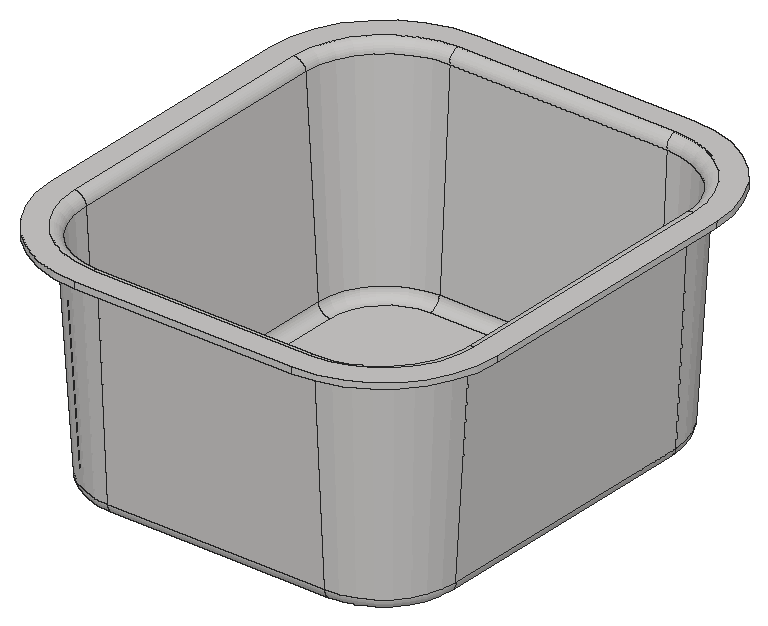
Revit family "Plum Fix_Sink_Argent_Verve Main Bowl 390", category Plumbing Fixtures, Revit 2016
Family settings
  Part Type = Normal
  Round Connector Dimension = Use Diameter
  OmniClass Number = 23.45.05.14.14
  OmniClass Title = Sinks/Lavatories
  Work Plane-Based = No
  Always vertical = Yes
  Cut with Voids When Loaded = Yes
  Shared = No
  Room Calculation Point = No
Parameters (values of type "Chrome")
  Waste Connection = yes
  WFU = 0
  Vent Connection = no
  URL = "https://www.argentaust.com.au/"
  Type Comments = "Chrome Finish"
  ModifiedIssue_ANZRS = 20190423
  Model = "KS1039000"  # constant formula
  Manufacturer_URL__Product Specific = "https://www.argentaust.com.au/argent-sinks-top-mount-no-drainer-verve-390-sink?item=8617"
  Manufacturer_Spec Code = Model  # "KS1039000"
  Manufacturer_Overall Width = 390 mm  # constant formula
  Manufacturer_Overall Height = 200 mm  # constant formula
  Manufacturer_Overall Depth = 440 mm  # constant formula
  Manufacturer_Height From FFL [instance] = 900 mm
  Manufacturer = "Argent"  # constant formula
  Keynote = ""
  HWFU = 0
  HW Connection = no
  CreatedBy_ANZRS = "IGS BIM Solutions"  # constant formula
  CreatedByURL_ANZRS = "https://igsgroup.com.au/"
  Description = "Verve Main Bowl 390 x 440"  # constant formula
  Cost = 0
  CWFU = 0
  CW Connection = no
  Body Material = z_Argent_Stainless Steel
  Assembly Code = ""
Reference planes
  plane 1 "Center (Front/Back)": y = -127.5
  plane 2 "Ref. Level": z = 0
  plane 3 "Front": y = -347.5
  plane 4 "Back": y = 92.5
  plane 5 "Right": x = -1.98
  plane 6 "Left": x = -391.98
  plane 7 "Top": z = 905
  plane 8 "Back Offset": y = 72.5
  plane 9 "Front Offset": y = -327.5
  plane 10 "Left Offset": x = -371.98
  plane 11 "Bottom": z = 705
  plane 12 "Right Offset": x = -21.98
  plane 13 "Center (Left/Right)": x = -196.98
  plane 14 "Top Offset": z = 900
Forms (mm)
  Extrusion 1, solid, material "z_Argent_Stainless Steel"
    sketch origin (-189.564, -1524, 100) x (-1, 0, 0) y (0, -1, 0)
      loop
        arc (102.416, -1616.5) -> (173.127, -1587.211) -> (202.416, -1516.5) r 100
        line (202.416, -1516.5) -> (202.416, -1276.5)
        arc (202.416, -1276.5) -> (173.127, -1205.789) -> (102.416, -1176.5) r 100
        line (102.416, -1176.5) -> (-87.584, -1176.5)
        arc (-87.584, -1176.5) -> (-158.295, -1205.789) -> (-187.584, -1276.5) r 100
        line (-187.584, -1276.5) -> (-187.584, -1516.5)
        arc (-187.584, -1516.5) -> (-158.295, -1587.211) -> (-87.584, -1616.5) r 100
        line (-87.584, -1616.5) -> (102.416, -1616.5)
      loop
        arc (102.416, -1596.5) -> (158.985, -1573.069) -> (182.416, -1516.5) r 80
        line (182.416, -1516.5) -> (182.416, -1276.5)
        arc (182.416, -1276.5) -> (158.985, -1219.931) -> (102.416, -1196.5) r 80
        line (102.416, -1196.5) -> (-87.584, -1196.5)
        arc (-87.584, -1196.5) -> (-144.153, -1219.931) -> (-167.584, -1276.5) r 80
        line (-167.584, -1276.5) -> (-167.584, -1516.5)
        arc (-167.584, -1516.5) -> (-144.153, -1573.069) -> (-87.584, -1596.5) r 80
        line (-87.584, -1596.5) -> (102.416, -1596.5)
    from 800 to 805
  Sweep 2, solid, material "z_Argent_Stainless Steel"
    path origin (-218.54, -1524, 705) x (-1, 0, 0) y (0, -1, 0)
      loop
        arc (153.44, -1276.5) -> (130.008, -1219.931) -> (73.44, -1196.5) r 80
        line (73.44, -1196.5) -> (-116.56, -1196.5)
        arc (-116.56, -1196.5) -> (-173.129, -1219.931) -> (-196.56, -1276.5) r 80
        line (-196.56, -1276.5) -> (-196.56, -1516.5)
        arc (-196.56, -1516.5) -> (-173.129, -1573.069) -> (-116.56, -1596.5) r 80
        line (-116.56, -1596.5) -> (73.44, -1596.5)
        arc (73.44, -1596.5) -> (130.008, -1573.069) -> (153.44, -1516.5) r 80
        line (153.44, -1516.5) -> (153.44, -1276.5)
    profile origin (-371.98, -127.5, 705) x (-1, 0, 0) y (0, 0, 1)
      loop
        line (4.663, 195) -> (15, 195) -> (15, 200) -> (0, 200)
        arc (0, 200) -> (-6.848, 197.287) -> (-9.981, 190.619) r 10
        line (-9.981, 190.619) -> (-20.907, 14.381)
        arc (-20.907, 14.381) -> (-24.039, 7.713) -> (-30.888, 5) r 10
        line (-30.888, 5) -> (-40, 5) -> (-40, 0) -> (-26.225, 0)
        arc (-26.225, 0) -> (-19.376, 2.713) -> (-16.244, 9.381) r 10
        line (-16.244, 9.381) -> (-5.318, 185.619)
        arc (-5.318, 185.619) -> (-2.186, 192.287) -> (4.663, 195) r 10
  Extrusion 3, solid, material "z_Argent_Stainless Steel"
    sketch origin (-218.54, -1524, 705) x (-1, 0, 0) y (0, -1, 0)
      loop
        arc (113.44, -1276.5) -> (101.724, -1248.216) -> (73.44, -1236.5) r 40
        line (73.44, -1236.5) -> (-116.56, -1236.5)
        arc (-116.56, -1236.5) -> (-144.845, -1248.216) -> (-156.56, -1276.5) r 40
        line (-156.56, -1276.5) -> (-156.56, -1516.5)
        arc (-156.56, -1516.5) -> (-144.845, -1544.784) -> (-116.56, -1556.5) r 40
        line (-116.56, -1556.5) -> (73.44, -1556.5)
        arc (73.44, -1556.5) -> (101.724, -1544.784) -> (113.44, -1516.5) r 40
        line (113.44, -1516.5) -> (113.44, -1276.5)
      loop
        circle (-21.56, -1396.5) r 30
    from 0 to 5
  Sweep 4, solid, material "z_Argent_Stainless Steel" <- "Body Material"
    path origin (-218.54, -1524, 705) x (-1, 0, 0) y (0, -1, 0)
      loop
        circle (-21.56, -1396.5) r 25
    profile origin (-196.98, -152.5, 705) x (0, 1, 0) y (0, 0, 1)
      loop
        line (0, 0) -> (0, 4.474) -> (-5, 5) -> (-5, 0) -> (0, 0)
  Extrusion 5, void
    sketch origin (4264.313, -579.639, 900) x (0, -1, 0) y (1, 0, 0)
      loop
        line (-657.139, -4366.293) -> (-657.139, -4556.293)
        arc (-657.139, -4556.293) -> (-632.243, -4616.397) -> (-572.139, -4641.293) r 85
        line (-572.139, -4641.293) -> (-332.139, -4641.293)
        arc (-332.139, -4641.293) -> (-272.035, -4616.397) -> (-247.139, -4556.293) r 85
        line (-247.139, -4556.293) -> (-247.139, -4366.293)
        arc (-247.139, -4366.293) -> (-272.035, -4306.188) -> (-332.139, -4281.293) r 85
        line (-332.139, -4281.293) -> (-572.139, -4281.293)
        arc (-572.139, -4281.293) -> (-632.243, -4306.188) -> (-657.139, -4366.293) r 85
    from 0 to -195
Cuts and joins
  joined: Extrusion 1, Sweep 2, Extrusion 3
Lines and regions (mm)
  Masking region 1
    outline origin (0, -347.5, 0) x (-1, 0, 0) y (0, 0, 1)
      loop
        arc (366.669, 890.698) -> (369.824, 897.314) -> (376.644, 900) r 10
        line (376.644, 900) -> (391.98, 900) -> (391.98, 905) -> (1.98, 905) -> (1.98, 900) -> (17.316, 900)
        arc (17.316, 900) -> (24.136, 897.314) -> (27.291, 890.698) r 10
        line (27.291, 890.698) -> (38.227, 714.302)
        arc (38.227, 714.302) -> (41.383, 707.686) -> (48.203, 705) r 10
        line (48.203, 705) -> (345.757, 705)
        arc (345.757, 705) -> (352.577, 707.686) -> (355.732, 714.302) r 10
        line (355.732, 714.302) -> (366.669, 890.698)
  Masking region 2
    outline origin (0, 0, 905) x (0, -1, 0) y (1, 0, 0)
      loop
        line (347.5, -291.98) -> (347.5, -101.98)
        arc (347.5, -101.98) -> (318.211, -31.269) -> (247.5, -1.98) r 100
        line (247.5, -1.98) -> (7.5, -1.98)
        arc (7.5, -1.98) -> (-63.211, -31.269) -> (-92.5, -101.98) r 100
        line (-92.5, -101.98) -> (-92.5, -291.98)
        arc (-92.5, -291.98) -> (-63.211, -362.691) -> (7.5, -391.98) r 100
        line (7.5, -391.98) -> (247.5, -391.98)
        arc (247.5, -391.98) -> (318.211, -362.691) -> (347.5, -291.98) r 100
      loop
        circle (127.5, -196.98) r 32.5
  Masking region 3
    outline origin (-1.98, 0, 0) x (0, 1, 0) y (0, 0, 1)
      loop
        line (-301.402, 705) -> (46.402, 705)
        arc (46.402, 705) -> (53.253, 707.716) -> (56.383, 714.388) r 10
        line (56.383, 714.388) -> (67.187, 890.612)
        arc (67.187, 890.612) -> (70.317, 897.284) -> (77.168, 900) r 10
        line (77.168, 900) -> (92.5, 900) -> (92.5, 905) -> (-347.5, 905) -> (-347.5, 900) -> (-332.168, 900)
        arc (-332.168, 900) -> (-325.317, 897.284) -> (-322.187, 890.612) r 10
        line (-322.187, 890.612) -> (-311.383, 714.388)
        arc (-311.383, 714.388) -> (-308.253, 707.716) -> (-301.402, 705) r 10
  symbolic lines, style "Basins/Sinks/Tubs", detail levels fine
    curve 1: arc (-371.98, -7.5, 905) -> (-348.549, 49.069, 905) -> (-291.98, 72.5, 905) r 80
    curve 2: line (-291.98, 72.5, 905) -> (-101.98, 72.5, 905)
    curve 3: line (-21.98, -7.5, 905) -> (-21.98, -247.5, 905)
    curve 4: line (-101.98, -327.5, 905) -> (-291.98, -327.5, 905)
    curve 5: arc (-291.98, -327.5, 905) -> (-348.549, -304.069, 905) -> (-371.98, -247.5, 905) r 80
    curve 6: line (-371.98, -247.5, 905) -> (-371.98, -7.5, 905)
    curve 12: arc (-21.98, -7.5, 905) -> (-45.411, 49.069, 905) -> (-101.98, 72.5, 905) r 80
    curve 13: arc (-101.98, -327.5, 905) -> (-45.411, -304.069, 905) -> (-21.98, -247.5, 905) r 80
  symbolic lines, style "Basins/Sinks/Tubs", detail levels medium+fine
    curve 7: line (-391.98, -347.5, 905) -> (-1.98, -347.5, 905)
    curve 8: line (-391.98, -347.5, 900) -> (-391.98, -347.5, 905)
    curve 9: line (-1.98, -347.5, 900) -> (-391.98, -347.5, 900)
    curve 10: line (-1.98, -347.5, 905) -> (-1.98, -347.5, 900)
    curve 11: line (-1.98, 92.5, 900) -> (-1.98, -347.5, 900)
Text (mm)
  text "Disclaimer:\n\nDue to ongoing product development and manufacturing evolution, product details are subject to change without notice. Please refer to product technical data sheets on the manufacturer’s website for the most current product information. Please allow a +/- 5mm manufacturing tolerance for dimensions and set-outs shown in product literature." at (60.42, 18.661, 0), in view "Ref. Level_Instruction"
Dimensions and locks
  equal spacing: plane 3 "Front", plane 1 "Center (Front/Back)", plane 4 "Back"
  "Manufacturer_Overall Depth": plane 3 "Front" to plane 4 "Back"
  "Manufacturer_Height From FFL": plane 14 "Top Offset" to plane 2 "Ref. Level"
  locked: plane 6 "Left" to plane 10 "Left Offset" at 20
  locked: plane 8 "Back Offset" to plane 4 "Back" at 20
  locked: plane 3 "Front" to plane 9 "Front Offset" at 20
  "Manufacturer_Overall Height": plane 7 "Top" to plane 11 "Bottom"
  equal spacing: Extrusion 3 sketch curve, Extrusion 3 sketch curve, Extrusion 3 sketch curve
  plane 10 "Left Offset" to plane 12 "Right Offset" = 350 mm
  equal spacing: plane 10 "Left Offset", plane 13 "Center (Left/Right)", plane 12 "Right Offset"
  plane 12 "Right Offset" to plane 5 "Right" = 20 mm
  "Manufacturer_Overall Width": plane 6 "Left" to plane 5 "Right"
  locked: plane 7 "Top" to plane 14 "Top Offset" at 5
  radius of Extrusion 1 sketch curve = 80 mm  (x2)
  aligned and locked: plane 4 "Back" to Extrusion 1 sketch curve
  aligned and locked: plane 6 "Left" to Extrusion 1 sketch curve
  aligned and locked: Extrusion 1 sketch curve to plane 3 "Front"
  aligned and locked: Extrusion 1 sketch curve to plane 10 "Left Offset"
  aligned and locked: plane 8 "Back Offset" to Extrusion 1 sketch curve
  aligned and locked: Extrusion 1 sketch curve to plane 9 "Front Offset"
  aligned and locked: plane 7 "Top" to Extrusion 1
  aligned and locked: Sweep 2 sketch curve to Extrusion 1  (x2)
  aligned and locked: Extrusion 3 to plane 11 "Bottom"
  aligned and locked: Extrusion 3 sketch curve to Sweep 2  (x3)
  aligned and locked: plane 11 "Bottom" to Masking region 1 sketch curve
  aligned and locked: Masking region 1 sketch curve to cut or joined group of Extrusion 1, Sweep 2, Extrusion 3  (x3)
  aligned and locked: Masking region 1 sketch curve to plane 6 "Left"
  aligned and locked: Sweep 2 sketch curve to cut or joined group of Extrusion 1, Sweep 2, Extrusion 3  (x2)
  aligned and locked: cut or joined group of Extrusion 1, Sweep 2, Extrusion 3 to curve 9
  aligned and locked: Sweep 4 to cut or joined group of Extrusion 1, Sweep 2, Extrusion 3
  aligned and locked: plane 11 "Bottom" to Sweep 4 sketch curve
  aligned and locked: cut or joined group of Extrusion 1, Sweep 2, Extrusion 3 to plane 14 "Top Offset"
  aligned and locked: Extrusion 5 to cut or joined group of Extrusion 1, Sweep 2, Extrusion 3
  aligned and locked: Extrusion 5 to plane 11 "Bottom"
  aligned and locked: plane 13 "Center (Left/Right)" to nested 1
  aligned and locked: nested 1 to plane 1 "Center (Front/Back)"
  aligned and locked: plane 13 "Center (Left/Right)" to Masking region 2 sketch curve
  aligned and locked: plane 1 "Center (Front/Back)" to Masking region 2 sketch curve
  aligned and locked: cut or joined group of Extrusion 1, Sweep 2, Extrusion 3 to nested 1
Automatic sketch dimensions
  curve 9 to plane 6 "Left" = 0 mm
  curve 8 to plane 7 "Top" = 0 mm
  curve 11 to plane 3 "Front" = 0 mm
  curve 11 to plane 4 "Back" = 0 mm
  Extrusion 1 sketch curve to Extrusion 1 sketch curve = 0 mm  (x7)
  Extrusion 1 sketch curve to plane 12 "Right Offset" = 0 mm
  plane 12 "Right Offset" to Extrusion 1 sketch curve = 80 mm
  plane 9 "Front Offset" to Extrusion 1 sketch curve = 80 mm
  Sweep 2 sketch curve to plane 12 "Right Offset" = 0 mm
  plane 9 "Front Offset" to Sweep 2 sketch curve = 80 mm
  plane 12 "Right Offset" to Sweep 2 sketch curve = 80 mm
  curve 10 to plane 5 "Right" = 0 mm
  Sweep 2 sketch curve to plane 11 "Bottom" = 0 mm
  plane 11 "Bottom" to Sweep 2 sketch curve = 5 mm
  profile plane to Sweep 2 sketch curve = 40 mm
  Sweep 2 sketch curve to Sweep 2 sketch curve = 9.112 mm
  Sweep 2 sketch curve to Sweep 2 sketch curve = 4.663 mm  (x2)
  Sweep 2 sketch curve to Sweep 2 sketch curve = 5.318 mm
  plane 11 "Bottom" to Sweep 2 sketch curve = 9.381 mm
  profile plane to Sweep 2 sketch curve = 9.981 mm
  profile plane to Sweep 2 sketch curve = 5.318 mm
  Sweep 2 sketch curve to profile plane = 0 mm
  Sweep 2 sketch curve to profile plane = 4.663 mm
  Sweep 2 sketch curve to Sweep 2 sketch curve = 10.337 mm
  Sweep 2 sketch curve to Sweep 2 sketch curve = 5 mm  (x2)
  Sweep 2 sketch curve to Sweep 2 sketch curve = 10 mm
  plane 1 "Center (Front/Back)" to Extrusion 3 sketch curve = 0 mm
  Extrusion 3 sketch curve to Extrusion 3 sketch curve = 40 mm  (x2)
  profile plane to Sweep 4 sketch curve = 5 mm
  Sweep 4 sketch curve to profile plane = 0 mm
  Sweep 4 sketch curve to Sweep 4 sketch curve = 4.474 mm
  Sweep 4 sketch curve to Sweep 4 sketch curve = 0.526 mm
  Masking region 1 sketch curve to plane 5 "Right" = 0 mm
  Masking region 1 sketch curve to plane 12 "Right Offset" = 4.664 mm
  plane 12 "Right Offset" to Masking region 1 sketch curve = 5.311 mm
  plane 11 "Bottom" to Masking region 1 sketch curve = 9.302 mm  (x2)
  plane 12 "Right Offset" to Masking region 1 sketch curve = 16.248 mm
  Masking region 1 sketch curve to Masking region 1 sketch curve = 9.976 mm  (x2)
  plane 10 "Left Offset" to Masking region 1 sketch curve = 26.223 mm
  plane 10 "Left Offset" to Masking region 1 sketch curve = 5.311 mm
  Masking region 1 sketch curve to plane 10 "Left Offset" = 4.664 mm
  Masking region 1 sketch curve to Masking region 1 sketch curve = 10 mm  (x2)
  plane 1 "Center (Front/Back)" to Sweep 4 sketch curve = 0 mm
  Sweep 4 sketch curve to plane 13 "Center (Left/Right)" = 0 mm
  curve 11 to plane 7 "Top" = 5 mm
  Masking region 3 sketch curve to plane 3 "Front" = 0 mm
  Masking region 3 sketch curve to plane 11 "Bottom" = 0 mm
  Masking region 3 sketch curve to plane 4 "Back" = 0 mm
  Masking region 3 sketch curve to plane 7 "Top" = 0 mm
  Masking region 3 sketch curve to plane 9 "Front Offset" = 4.668 mm
  plane 9 "Front Offset" to Masking region 3 sketch curve = 5.313 mm
  plane 11 "Bottom" to Masking region 3 sketch curve = 9.388 mm  (x2)
  plane 9 "Front Offset" to Masking region 3 sketch curve = 16.117 mm
  plane 11 "Bottom" to Masking region 3 sketch curve = 10 mm  (x2)
  Masking region 3 sketch curve to plane 8 "Back Offset" = 26.098 mm
  Masking region 3 sketch curve to plane 8 "Back Offset" = 5.313 mm
  plane 8 "Back Offset" to Masking region 3 sketch curve = 4.668 mm
  Masking region 3 sketch curve to plane 7 "Top" = 15 mm  (x2)
  Masking region 3 sketch curve to Masking region 3 sketch curve = 0.612 mm  (x2)
  plane 8 "Back Offset" to Extrusion 5 sketch curve = 5 mm
  Extrusion 5 sketch curve to plane 10 "Left Offset" = 5 mm
  Extrusion 5 sketch curve to plane 8 "Back Offset" = 80 mm  (x2)
  plane 9 "Front Offset" to Extrusion 5 sketch curve = 80 mm  (x2)
  Extrusion 5 sketch curve to plane 9 "Front Offset" = 5 mm
  plane 12 "Right Offset" to Extrusion 5 sketch curve = 80 mm
  curve 2 to plane 8 "Back Offset" = 0 mm
  curve 3 to plane 12 "Right Offset" = 0 mm
  curve 1 to plane 10 "Left Offset" = 0 mm
  curve 4 to plane 9 "Front Offset" = 0 mm
  curve 3 to plane 8 "Back Offset" = 80 mm
  curve 1 to curve 1 = 80 mm
  plane 9 "Front Offset" to curve 6 = 80 mm
  plane 9 "Front Offset" to curve 3 = 80 mm
  plane 4 "Back" to Masking region 2 sketch curve = 0 mm
  Masking region 2 sketch curve to plane 5 "Right" = 0 mm
  Masking region 2 sketch curve to plane 6 "Left" = 0 mm
  plane 3 "Front" to Masking region 2 sketch curve = 0 mm
  Masking region 2 sketch curve to plane 8 "Back Offset" = 80 mm  (x2)
  plane 9 "Front Offset" to Masking region 2 sketch curve = 80 mm  (x2)
  radius of Extrusion 3 sketch curve = 30 mm
  radius of Sweep 4 sketch curve = 25 mm
  radius of Masking region 2 sketch curve = 32.5 mm
Nested families
  nested 1: "Plum Fix_Waste_Argent_Pop Up Waste 32mm" at (-234.411, 108.64, 649.512), type "Chrome"
    with Manufacturer_Height From FFL 0 mm
Connectors
  piping at (-196.98, -127.5, 661.512), diameter 50
    settings: on nested 1, index 2, connector inside diameter 609.6 mm, connector length 0 mm, flow factor 0, pipe flow 0.000 L/s, pressure drop 0.0 Pa, fitting loss kfactor 0, connector angle 0.00°, fixture units 0, engagement length 0 mm, angle of deflection 0.00°, flow configuration 0, flow direction 2, fitting loss method 4, system type 16, joint type 0, gender type 0, connector reference index -1, connector utility 0, adjustable connector no, is connector primary yes, connector description "Waste Outlet"
Definition of nested family "Plum Fix_Waste_Argent_Pop Up Waste 32mm"
  Parameters (values of type "Chrome")
    Waste Connection = yes
    WFU = 0
    Vent Connection = no
    URL = "https://www.argentaust.com.au/"
    Type Comments = "Chrome finish"  # constant formula
    ModifiedIssue_ANZRS = 20190423
    Model = "K316-D"  # constant formula
    Manufacturer_URL__Product Specific = "https://www.argentaust.com.au/argent-basins-bottletraps-wastes-pop-waste-32mm-2-piece?item=8546"
    Manufacturer_Spec Code = Model  # "K316-D"
    Manufacturer_Overall Width = 65 mm  # constant formula
    Manufacturer_Overall Height = 65 mm  # constant formula
    Manufacturer_Overall Depth = 65 mm  # constant formula
    Manufacturer_Height From FFL [instance] = 0 mm
    Manufacturer = "Argent"  # constant formula
    Keynote = ""
    HWFU = 0
    HW Connection = no
    Description = "Pop-Up Waste 32mm 2 Piece"  # constant formula
    CreatedBy_ANZRS = "IGS BIM Solutions"  # constant formula
    CreatedByURL_ANZRS = "https://igsgroup.com.au/"
    Cost = 0
    CWFU = 0
    CW Connection = no
    Body Material = none
    Assembly Code = ""
  Reference planes
    plane 1 "Ref. Level": z = 0
    plane 2 "Bottom": z = 0
    plane 3 "Center (Left/Right)": x = 37.431
    plane 4 "Center of tap": y = -236.14
    plane 5 "Top": z = 65
    plane 6 "Front": y = -268.64
    plane 7 "Right": x = 69.931
    plane 8 "Left": x = 4.931
    plane 9 "Back": y = -203.64
    plane 10 "Top Offset": z = 50
    plane 11 "Bottom Offset": z = 12
    plane 12 "Top Offset Ref.": z = 60.488
  Forms (mm)
    Revolve 1, solid, material <- "Body Material"
      sketch origin (0, -236.14, 0) x (-1, 0, 0) y (0, 0, 1)
        loop
          line (-37.431, 0) -> (-21.431, 0) -> (-21.431, 12) -> (-37.431, 12) -> (-37.431, 0)
        axis (-37.431, 12) -> (-37.431, 0)
      angle from 0 to 360
    Revolve 2, solid, material <- "Body Material"
      sketch origin (0, -236.14, 26.351) x (-1, 0, 0) y (0, 0, 1)
        loop
          arc (-6.931, 24.813) -> (-6.577, 24.96) -> (-6.431, 25.313) r 0.5
          line (-6.431, 25.313) -> (-6.431, 28.313)
          arc (-6.431, 28.313) -> (-6.577, 28.667) -> (-6.931, 28.813) r 0.5
          line (-6.931, 28.813) -> (-37.431, 28.813) -> (-37.431, 24.813) -> (-6.931, 24.813)
        axis (-37.431, 28.813) -> (-37.431, 24.813)
      angle from 0 to 360
    Revolve 3, solid, material <- "Body Material"
      sketch origin (0, -236.14, 26.351) x (-1, 0, 0) y (0, 0, 1)
        loop
          line (-6.974, 21.197) -> (-6.974, 22.412)
          arc (-6.974, 22.412) -> (-7.11, 22.889) -> (-7.479, 23.22) r 0.899
          line (-7.479, 23.22) -> (-10.744, 24.813) -> (-37.431, 24.813) -> (-37.431, 21.197) -> (-6.974, 21.197)
        loop
          line (-37.431, 31.894) -> (-12.431, 31.894) -> (-12.431, 34.137) -> (-37.431, 34.137) -> (-37.431, 31.894)
        axis (-37.431, 34.137) -> (-37.431, 21.197)
      angle from 0 to 360
    Revolve 4, solid, material <- "Body Material"
      sketch origin (0, -236.14, 26.351) x (-1, 0, 0) y (0, 0, 1)
        loop
          line (-12.961, -13.831) -> (-12.961, 12.981)
          arc (-12.961, 12.981) -> (-12.759, 13.592) -> (-12.234, 13.964) r 1.028
          line (-12.234, 13.964) -> (-5.39, 16.056)
          arc (-5.39, 16.056) -> (-5.058, 16.291) -> (-4.931, 16.677) r 0.649
          line (-4.931, 16.677) -> (-4.931, 20.697)
          arc (-4.931, 20.697) -> (-5.077, 21.05) -> (-5.431, 21.197) r 0.5
          line (-5.431, 21.197) -> (-37.431, 21.197) -> (-37.431, -14.351) -> (-13.481, -14.351)
          arc (-13.481, -14.351) -> (-13.113, -14.199) -> (-12.961, -13.831) r 0.52
        loop
          line (-37.431, 31.894) -> (-37.431, 28.813) -> (-13.795, 28.813) -> (-8.965, 30.107) -> (-5.431, 30.107)
          arc (-5.431, 30.107) -> (-5.077, 30.254) -> (-4.931, 30.607) r 0.5
          line (-4.931, 30.607) -> (-4.931, 31.394)
          arc (-4.931, 31.394) -> (-5.077, 31.748) -> (-5.431, 31.894) r 0.5
          line (-5.431, 31.894) -> (-37.431, 31.894)
        loop
          line (-37.431, 34.139) -> (-5.531, 34.139)
          arc (-5.531, 34.139) -> (-5.106, 34.315) -> (-4.931, 34.739) r 0.6
          line (-4.931, 34.739) -> (-4.931, 35.555)
          arc (-4.931, 35.555) -> (-5.069, 35.934) -> (-5.418, 36.135) r 0.589
          arc (-5.418, 36.135) -> (-19.844, 38.019) -> (-34.38, 38.649) r 168.122
          line (-34.38, 38.649) -> (-37.431, 38.649) -> (-37.431, 34.139)
        axis (-37.431, 38.649) -> (-37.431, -14.351)
      angle from 0 to 360
  Lines and regions (mm)
    Masking region 1
      outline origin (0, -268.64, 0) x (-1, 0, 0) y (0, 0, 1)
        loop
          line (-53.431, 0) -> (-21.431, 0) -> (-21.431, 12) -> (-13.431, 12)
          arc (-13.431, 12) -> (-13.077, 12.146) -> (-12.931, 12.5) r 0.5
          line (-12.931, 12.5) -> (-12.931, 39.369)
          arc (-12.931, 39.369) -> (-12.735, 39.964) -> (-12.223, 40.326) r 1
          line (-12.223, 40.326) -> (-5.378, 42.418)
          arc (-5.378, 42.418) -> (-5.055, 42.647) -> (-4.931, 43.023) r 0.632
          line (-4.931, 43.023) -> (-4.931, 47.048)
          arc (-4.931, 47.048) -> (-5.077, 47.401) -> (-5.431, 47.548) r 0.5
          line (-5.431, 47.548) -> (-6.974, 47.548) -> (-6.974, 48.713)
          arc (-6.974, 48.713) -> (-7.123, 49.232) -> (-7.524, 49.594) r 0.98
          line (-7.524, 49.594) -> (-10.744, 51.164) -> (-6.963, 51.164)
          arc (-6.963, 51.164) -> (-6.61, 51.311) -> (-6.463, 51.664) r 0.5
          line (-6.463, 51.664) -> (-6.463, 54.664)
          arc (-6.463, 54.664) -> (-6.61, 55.018) -> (-6.963, 55.164) r 0.5
          line (-6.963, 55.164) -> (-13.795, 55.164) -> (-8.965, 56.458) -> (-5.431, 56.458)
          arc (-5.431, 56.458) -> (-5.077, 56.605) -> (-4.931, 56.958) r 0.5
          line (-4.931, 56.958) -> (-4.931, 57.746)
          arc (-4.931, 57.746) -> (-5.077, 58.099) -> (-5.431, 58.246) r 0.5
          line (-5.431, 58.246) -> (-12.431, 58.246) -> (-12.431, 60.488) -> (-5.431, 60.488)
          arc (-5.431, 60.488) -> (-5.077, 60.635) -> (-4.931, 60.988) r 0.5
          line (-4.931, 60.988) -> (-4.931, 61.866)
          arc (-4.931, 61.866) -> (-5.08, 62.277) -> (-5.46, 62.495) r 0.639
          arc (-5.46, 62.495) -> (-19.183, 64.313) -> (-33.009, 65) r 168.895
          line (-33.009, 65) -> (-41.853, 65)
          arc (-41.853, 65) -> (-55.679, 64.313) -> (-69.402, 62.495) r 168.895
          arc (-69.402, 62.495) -> (-69.781, 62.277) -> (-69.931, 61.866) r 0.639
          line (-69.931, 61.866) -> (-69.931, 60.988)
          arc (-69.931, 60.988) -> (-69.784, 60.635) -> (-69.431, 60.488) r 0.5
          line (-69.431, 60.488) -> (-62.431, 60.488) -> (-62.431, 58.246) -> (-69.431, 58.246)
          arc (-69.431, 58.246) -> (-69.784, 58.099) -> (-69.931, 57.746) r 0.5
          line (-69.931, 57.746) -> (-69.931, 56.958)
          arc (-69.931, 56.958) -> (-69.784, 56.605) -> (-69.431, 56.458) r 0.5
          line (-69.431, 56.458) -> (-65.896, 56.458) -> (-61.067, 55.164) -> (-67.898, 55.164)
          arc (-67.898, 55.164) -> (-68.252, 55.018) -> (-68.398, 54.664) r 0.5
          line (-68.398, 54.664) -> (-68.398, 51.664)
          arc (-68.398, 51.664) -> (-68.252, 51.311) -> (-67.898, 51.164) r 0.5
          line (-67.898, 51.164) -> (-64.118, 51.164) -> (-67.337, 49.594)
          arc (-67.337, 49.594) -> (-67.739, 49.232) -> (-67.888, 48.713) r 0.98
          line (-67.888, 48.713) -> (-67.888, 47.548) -> (-69.431, 47.548)
          arc (-69.431, 47.548) -> (-69.784, 47.401) -> (-69.931, 47.048) r 0.5
          line (-69.931, 47.048) -> (-69.931, 43.023)
          arc (-69.931, 43.023) -> (-69.807, 42.647) -> (-69.483, 42.418) r 0.632
          line (-69.483, 42.418) -> (-62.638, 40.326)
          arc (-62.638, 40.326) -> (-62.127, 39.964) -> (-61.931, 39.369) r 1
          line (-61.931, 39.369) -> (-61.931, 12.5)
          arc (-61.931, 12.5) -> (-61.784, 12.146) -> (-61.431, 12) r 0.5
          line (-61.431, 12) -> (-53.431, 12) -> (-53.431, 0)
    Masking region 2
      outline origin (69.931, 0, 0) x (0, -1, 0) y (0, 0, 1)
        loop
          line (252.14, 0) -> (252.14, 12) -> (260.14, 12)
          arc (260.14, 12) -> (260.494, 12.146) -> (260.64, 12.5) r 0.5
          line (260.64, 12.5) -> (260.64, 39.479)
          arc (260.64, 39.479) -> (260.803, 39.974) -> (261.229, 40.274) r 0.832
          line (261.229, 40.274) -> (268.127, 42.383)
          arc (268.127, 42.383) -> (268.498, 42.645) -> (268.64, 43.077) r 0.726
          line (268.64, 43.077) -> (268.64, 47.048)
          arc (268.64, 47.048) -> (268.494, 47.401) -> (268.14, 47.548) r 0.5
          line (268.14, 47.548) -> (266.615, 47.548) -> (266.615, 48.717)
          arc (266.615, 48.717) -> (266.469, 49.226) -> (266.076, 49.58) r 0.961
          line (266.076, 49.58) -> (262.827, 51.164) -> (266.64, 51.164)
          arc (266.64, 51.164) -> (266.994, 51.311) -> (267.14, 51.664) r 0.5
          line (267.14, 51.664) -> (267.14, 54.664)
          arc (267.14, 54.664) -> (266.994, 55.018) -> (266.64, 55.164) r 0.5
          line (266.64, 55.164) -> (259.873, 55.164) -> (264.606, 56.458) -> (268.116, 56.458)
          arc (268.116, 56.458) -> (268.487, 56.612) -> (268.64, 56.982) r 0.524
          line (268.64, 56.982) -> (268.64, 57.765)
          arc (268.64, 57.765) -> (268.494, 58.119) -> (268.14, 58.265) r 0.5
          line (268.14, 58.265) -> (261.14, 58.265) -> (261.14, 60.488) -> (268.14, 60.488)
          arc (268.14, 60.488) -> (268.494, 60.635) -> (268.64, 60.988) r 0.5
          line (268.64, 60.988) -> (268.64, 61.835)
          arc (268.64, 61.835) -> (268.484, 62.267) -> (268.087, 62.498) r 0.674
          arc (268.087, 62.498) -> (254.582, 64.373) -> (240.961, 65) r 148.284
          line (240.961, 65) -> (231.319, 65)
          arc (231.319, 65) -> (217.699, 64.373) -> (204.193, 62.498) r 148.284
          arc (204.193, 62.498) -> (203.797, 62.267) -> (203.64, 61.835) r 0.674
          line (203.64, 61.835) -> (203.64, 60.988)
          arc (203.64, 60.988) -> (203.787, 60.635) -> (204.14, 60.488) r 0.5
          line (204.14, 60.488) -> (211.14, 60.488) -> (211.14, 58.265) -> (204.14, 58.265)
          arc (204.14, 58.265) -> (203.787, 58.119) -> (203.64, 57.765) r 0.5
          line (203.64, 57.765) -> (203.64, 56.982)
          arc (203.64, 56.982) -> (203.794, 56.612) -> (204.164, 56.458) r 0.524
          line (204.164, 56.458) -> (207.675, 56.458) -> (212.407, 55.164) -> (205.64, 55.164)
          arc (205.64, 55.164) -> (205.287, 55.018) -> (205.14, 54.664) r 0.5
          line (205.14, 54.664) -> (205.14, 51.664)
          arc (205.14, 51.664) -> (205.287, 51.311) -> (205.64, 51.164) r 0.5
          line (205.64, 51.164) -> (209.453, 51.164) -> (206.205, 49.58)
          arc (206.205, 49.58) -> (205.811, 49.226) -> (205.665, 48.717) r 0.961
          line (205.665, 48.717) -> (205.665, 47.548) -> (204.14, 47.548)
          arc (204.14, 47.548) -> (203.787, 47.401) -> (203.64, 47.048) r 0.5
          line (203.64, 47.048) -> (203.64, 43.077)
          arc (203.64, 43.077) -> (203.783, 42.645) -> (204.154, 42.383) r 0.726
          line (204.154, 42.383) -> (211.052, 40.274)
          arc (211.052, 40.274) -> (211.477, 39.974) -> (211.64, 39.479) r 0.832
          line (211.64, 39.479) -> (211.64, 12.5)
          arc (211.64, 12.5) -> (211.787, 12.146) -> (212.14, 12) r 0.5
          line (212.14, 12) -> (220.14, 12) -> (220.14, 0) -> (252.14, 0)
    Masking region 3
      outline origin (0, 0, 65) x (-1, 0, 0) y (0, -1, 0)
        loop
          circle (-37.431, 236.14) r 32.5
    symbolic lines, detail levels medium+fine
      curve 1: line (12.431, -268.64, 60.488) -> (62.431, -268.64, 60.488)
      curve 2: line (12.431, -268.64, 58.246) -> (62.431, -268.64, 58.246)
      curve 4: line (61.067, -268.64, 55.164) -> (13.795, -268.64, 55.164)
      curve 6: line (67.888, -268.64, 47.548) -> (6.974, -268.64, 47.548)
      curve 8: line (69.931, -261.14, 60.488) -> (69.931, -211.14, 60.488)
      curve 9: line (69.931, -211.14, 58.265) -> (69.931, -261.14, 58.265)
      curve 11: line (69.931, -212.407, 55.164) -> (69.931, -259.873, 55.164)
      curve 13: line (69.931, -205.665, 47.548) -> (69.931, -266.615, 47.548)
    symbolic lines, detail levels fine
      curve 3: line (8.965, -268.64, 56.458) -> (65.896, -268.64, 56.458)
      curve 5: line (10.744, -268.64, 51.164) -> (64.118, -268.64, 51.164)
      curve 7: line (53.431, -268.64, 12) -> (21.431, -268.64, 12)
      curve 10: line (69.931, -264.606, 56.458) -> (69.931, -207.675, 56.458)
      curve 12: line (69.931, -262.827, 51.164) -> (69.931, -209.453, 51.164)
      curve 14: line (69.931, -252.14, 12) -> (69.931, -220.14, 12)
  Text (mm)
    text "Disclaimer:\n\nDue to ongoing product development and manufacturing evolution, product details are subject to change without notice. Please refer to product technical data sheets on the manufacturer’s website for the most current product information. Please allow a +/- 5mm manufacturing tolerance for dimensions and set-outs shown in product literature." at (114.034, -167.777, 0), in view "Ref. Level_Instruction"
  Dimensions and locks
    "Manufacturer_Height From FFL": plane 2 "Bottom" to plane 1 "Ref. Level"
    "Manufacturer_Overall Width": plane 8 "Left" to plane 7 "Right"
    "Manufacturer_Overall Depth": plane 9 "Back" to plane 6 "Front"
    "Manufacturer_Overall Height": plane 5 "Top" to plane 2 "Bottom"
    equal spacing: plane 8 "Left", plane 3 "Center (Left/Right)", plane 7 "Right"
    locked: plane 11 "Bottom Offset" to plane 2 "Bottom" at 12
    equal spacing: plane 9 "Back", plane 4 "Center of tap", plane 6 "Front"
    locked: plane 5 "Top" to plane 10 "Top Offset" at 15
    locked: plane 5 "Top" to plane 12 "Top Offset Ref." at 4.512
    aligned and locked: plane 2 "Bottom" to Revolve 1 sketch curve
    aligned and locked: plane 11 "Bottom Offset" to Revolve 1 sketch curve
    aligned and locked: Masking region 1 sketch curve to Revolve 3  (x4)
    aligned and locked: Masking region 1 sketch curve to Revolve 4  (x2)
    aligned and locked: Masking region 2 sketch curve to Revolve 1  (x2)
    aligned and locked: Masking region 2 sketch curve to Revolve 3
    aligned and locked: Masking region 2 sketch curve to Revolve 4
    aligned and locked: plane 4 "Center of tap" to Masking region 3 sketch curve
    aligned and locked: plane 3 "Center (Left/Right)" to Masking region 3 sketch curve
  Automatic sketch dimensions
    plane 3 "Center (Left/Right)" to Revolve 1 sketch curve = 0 mm  (x2)
    Revolve 1 sketch curve to plane 2 "Bottom" = 0 mm
    Revolve 1 sketch curve to plane 11 "Bottom Offset" = 0 mm
    Revolve 1 sketch curve to Revolve 1 sketch curve = 16 mm
    plane 3 "Center (Left/Right)" to Revolve 3 sketch curve = 0 mm  (x3)
    Revolve 3 sketch curve to plane 8 "Left" = 7.5 mm
    plane 10 "Top Offset" to Revolve 3 sketch curve = 1.164 mm
    Revolve 3 sketch curve to plane 8 "Left" = 5.813 mm
    Revolve 3 sketch curve to plane 10 "Top Offset" = 1.236 mm
    Revolve 3 sketch curve to plane 8 "Left" = 2.942 mm
    Revolve 3 sketch curve to plane 10 "Top Offset" = 0.428 mm
    Revolve 3 sketch curve to Revolve 3 sketch curve = 0.394 mm
    Revolve 3 sketch curve to Revolve 3 sketch curve = 1.216 mm
    Revolve 3 sketch curve to plane 5 "Top" = 6.754 mm
    Revolve 3 sketch curve to Revolve 3 sketch curve = 2.243 mm
    plane 11 "Bottom Offset" to Revolve 3 sketch curve = 14.351 mm
    plane 5 "Top" to Revolve 3 sketch curve = 7.35 mm
    plane 3 "Center (Left/Right)" to Revolve 2 sketch curve = 0 mm  (x2)
    plane 10 "Top Offset" to Revolve 2 sketch curve = 1.164 mm
    Revolve 2 sketch curve to plane 8 "Left" = 2 mm  (x2)
    Revolve 2 sketch curve to Revolve 2 sketch curve = 0.5 mm
    Revolve 2 sketch curve to Revolve 2 sketch curve = 3 mm
    plane 11 "Bottom Offset" to Revolve 2 sketch curve = 14.351 mm
    plane 5 "Top" to Revolve 2 sketch curve = 7.35 mm
    Revolve 4 sketch curve to plane 3 "Center (Left/Right)" = 0 mm
    plane 3 "Center (Left/Right)" to Revolve 4 sketch curve = 0 mm  (x3)
    Revolve 4 sketch curve to plane 5 "Top" = 0 mm
    Revolve 4 sketch curve to plane 11 "Bottom Offset" = 0 mm
    plane 8 "Left" to Revolve 4 sketch curve = 0 mm  (x3)
    Revolve 4 sketch curve to Revolve 4 sketch curve = 3.051 mm
    Revolve 4 sketch curve to plane 8 "Left" = 8.864 mm
    plane 11 "Bottom Offset" to Revolve 4 sketch curve = 0.52 mm
    Revolve 4 sketch curve to plane 8 "Left" = 8.55 mm
    Revolve 4 sketch curve to Revolve 4 sketch curve = 0.727 mm
    Revolve 4 sketch curve to Revolve 4 sketch curve = 0.3 mm
    Revolve 4 sketch curve to plane 8 "Left" = 4.034 mm
    Revolve 4 sketch curve to Revolve 4 sketch curve = 0.649 mm
    Revolve 4 sketch curve to Revolve 4 sketch curve = 0.5 mm  (x3)
    Revolve 4 sketch curve to plane 8 "Left" = 0.459 mm
    Revolve 4 sketch curve to plane 8 "Left" = 0.6 mm
    Revolve 4 sketch curve to plane 8 "Left" = 0.589 mm
    Revolve 4 sketch curve to plane 2 "Bottom" = 103.122 mm
    Revolve 4 sketch curve to plane 10 "Top Offset" = 10.668 mm
    Revolve 4 sketch curve to Revolve 4 sketch curve = 2.092 mm
    Revolve 4 sketch curve to plane 10 "Top Offset" = 2.952 mm
    plane 10 "Top Offset" to Revolve 4 sketch curve = 5.164 mm
    Revolve 4 sketch curve to Revolve 4 sketch curve = 1.294 mm
    Revolve 4 sketch curve to Revolve 4 sketch curve = 0.787 mm
    Revolve 4 sketch curve to Revolve 4 sketch curve = 2.245 mm
    Revolve 4 sketch curve to Revolve 4 sketch curve = 0.816 mm
    Revolve 4 sketch curve to Revolve 4 sketch curve = 45.999 mm
    Revolve 4 sketch curve to level = 357.65 mm
    plane 7 "Right" to Masking region 1 sketch curve = 0 mm  (x3)
    Masking region 1 sketch curve to plane 11 "Bottom Offset" = 0 mm  (x2)
    Masking region 1 sketch curve to plane 2 "Bottom" = 0 mm
    Masking region 1 sketch curve to plane 5 "Top" = 0 mm
    plane 8 "Left" to Masking region 1 sketch curve = 0 mm  (x3)
    plane 7 "Right" to Masking region 1 sketch curve = 0.447 mm
    Masking region 1 sketch curve to Masking region 1 sketch curve = 0.5 mm  (x6)
    plane 7 "Right" to Masking region 1 sketch curve = 0.5 mm  (x3)
    Masking region 1 sketch curve to Masking region 1 sketch curve = 0.632 mm  (x2)
    Masking region 1 sketch curve to Masking region 1 sketch curve = 0.639 mm  (x2)
    plane 7 "Right" to Masking region 1 sketch curve = 1.532 mm
    Masking region 1 sketch curve to Masking region 1 sketch curve = 1.543 mm
    Masking region 1 sketch curve to plane 10 "Top Offset" = 0.406 mm  (x2)
    Masking region 1 sketch curve to Masking region 1 sketch curve = 0.551 mm
    Masking region 1 sketch curve to Masking region 1 sketch curve = 0.98 mm
    Masking region 1 sketch curve to Masking region 1 sketch curve = 2.002 mm
    plane 10 "Top Offset" to Masking region 1 sketch curve = 1.164 mm
    Masking region 1 sketch curve to Masking region 1 sketch curve = 3.22 mm
    plane 7 "Right" to Masking region 1 sketch curve = 7 mm
    Masking region 1 sketch curve to Masking region 1 sketch curve = 0.292 mm  (x2)
    Masking region 1 sketch curve to Masking region 1 sketch curve = 3.466 mm  (x2)
    plane 11 "Bottom Offset" to Masking region 1 sketch curve = 0.5 mm  (x2)
    plane 7 "Right" to Masking region 1 sketch curve = 8 mm
    Masking region 1 sketch curve to Masking region 1 sketch curve = 1.364 mm  (x2)
    Masking region 1 sketch curve to Masking region 1 sketch curve = 8 mm  (x2)
    Masking region 1 sketch curve to plane 3 "Center (Left/Right)" = 4.422 mm
    Masking region 1 sketch curve to plane 3 "Center (Left/Right)" = 2.954 mm
    plane 3 "Center (Left/Right)" to Masking region 1 sketch curve = 2.954 mm
    plane 3 "Center (Left/Right)" to Masking region 1 sketch curve = 4.422 mm
    plane 3 "Center (Left/Right)" to Masking region 1 sketch curve = 16 mm
    Masking region 1 sketch curve to plane 8 "Left" = 8.864 mm
    Masking region 1 sketch curve to Masking region 1 sketch curve = 0.708 mm
    Masking region 1 sketch curve to Masking region 1 sketch curve = 3.051 mm
    Masking region 1 sketch curve to plane 10 "Top Offset" = 1.287 mm
    Masking region 1 sketch curve to plane 8 "Left" = 3.023 mm
    Masking region 1 sketch curve to Masking region 1 sketch curve = 0.43 mm
    Masking region 1 sketch curve to plane 8 "Left" = 2.032 mm  (x2)
    Masking region 1 sketch curve to plane 8 "Left" = 0.5 mm  (x2)
    Masking region 1 sketch curve to plane 8 "Left" = 0.447 mm
    Masking region 1 sketch curve to plane 2 "Bottom" = 103.888 mm
    Masking region 1 sketch curve to Masking region 1 sketch curve = 0 mm
    Masking region 1 sketch curve to Masking region 1 sketch curve = 8.179 mm
    Masking region 1 sketch curve to Masking region 1 sketch curve = 9.344 mm
    Masking region 1 sketch curve to Masking region 1 sketch curve = 4.63 mm
    Masking region 1 sketch curve to Masking region 1 sketch curve = 6.295 mm
    Masking region 1 sketch curve to Masking region 1 sketch curve = 1.665 mm
    Masking region 1 sketch curve to Masking region 1 sketch curve = 3 mm
    Masking region 1 sketch curve to Masking region 1 sketch curve = 1.294 mm
    Masking region 1 sketch curve to Masking region 1 sketch curve = 0.787 mm
    Masking region 1 sketch curve to Masking region 1 sketch curve = 2.243 mm
    Masking region 1 sketch curve to Masking region 1 sketch curve = 0.878 mm  (x2)
    curve 7 to plane 11 "Bottom Offset" = 0 mm
    plane 7 "Right" to curve 6 = 2.043 mm
    plane 7 "Right" to curve 3 = 4.034 mm
    plane 10 "Top Offset" to curve 5 = 1.164 mm
    curve 6 to curve 5 = 3.77 mm
    curve 3 to curve 1 = 3.466 mm
    curve 2 to curve 1 = 0 mm  (x2)
    curve 2 to curve 4 = 1.364 mm
    curve 7 to plane 3 "Center (Left/Right)" = 16 mm
    plane 3 "Center (Left/Right)" to curve 7 = 16 mm
    curve 4 to plane 8 "Left" = 8.864 mm
    curve 4 to curve 2 = 1.364 mm
    curve 4 to curve 5 = 3.051 mm
    curve 2 to curve 3 = 3.466 mm
    curve 6 to plane 8 "Left" = 2.043 mm
    curve 6 to plane 10 "Top Offset" = 2.452 mm
    curve 5 to curve 4 = 4 mm
    curve 4 to curve 3 = 1.294 mm
    curve 4 to curve 2 = 3.081 mm
    curve 2 to curve 1 = 2.243 mm
    Masking region 2 sketch curve to plane 9 "Back" = 0 mm  (x3)
    Masking region 2 sketch curve to plane 11 "Bottom Offset" = 0 mm
    Masking region 2 sketch curve to plane 5 "Top" = 0 mm
    Masking region 2 sketch curve to plane 6 "Front" = 0 mm  (x3)
    Masking region 2 sketch curve to plane 9 "Back" = 0.5 mm  (x3)
    Masking region 2 sketch curve to plane 9 "Back" = 0.513 mm
    Masking region 2 sketch curve to plane 9 "Back" = 0.524 mm
    Masking region 2 sketch curve to Masking region 2 sketch curve = 0.674 mm
    Masking region 2 sketch curve to Masking region 2 sketch curve = 0.212 mm
    Masking region 2 sketch curve to plane 9 "Back" = 1.5 mm
    Masking region 2 sketch curve to Masking region 2 sketch curve = 0.5 mm  (x4)
    Masking region 2 sketch curve to Masking region 2 sketch curve = 1.525 mm
    Masking region 2 sketch curve to plane 10 "Top Offset" = 0.42 mm  (x2)
    Masking region 2 sketch curve to Masking region 2 sketch curve = 0.54 mm
    Masking region 2 sketch curve to Masking region 2 sketch curve = 0.421 mm  (x2)
    Masking region 2 sketch curve to Masking region 2 sketch curve = 2.034 mm
    plane 10 "Top Offset" to Masking region 2 sketch curve = 1.164 mm
    Masking region 2 sketch curve to Masking region 2 sketch curve = 3.249 mm
    Masking region 2 sketch curve to plane 9 "Back" = 7.168 mm
    Masking region 2 sketch curve to Masking region 2 sketch curve = 0.243 mm  (x2)
    Masking region 2 sketch curve to Masking region 2 sketch curve = 3.466 mm  (x2)
    Masking region 2 sketch curve to Masking region 2 sketch curve = 0.832 mm
    Masking region 2 sketch curve to Masking region 2 sketch curve = 1.267 mm  (x2)
    Masking region 2 sketch curve to Masking region 2 sketch curve = 8 mm  (x2)
    plane 4 "Center of tap" to Masking region 2 sketch curve = 4.821 mm
    Masking region 2 sketch curve to plane 4 "Center of tap" = 4.821 mm
    Masking region 2 sketch curve to plane 4 "Center of tap" = 16 mm
    plane 6 "Front" to Masking region 2 sketch curve = 8.767 mm
    plane 6 "Front" to Masking region 2 sketch curve = 8 mm
    Masking region 2 sketch curve to Masking region 2 sketch curve = 0.589 mm
    Masking region 2 sketch curve to Masking region 2 sketch curve = 2.954 mm
    Masking region 2 sketch curve to plane 10 "Top Offset" = 1.283 mm
    plane 6 "Front" to Masking region 2 sketch curve = 2.986 mm
    plane 6 "Front" to Masking region 2 sketch curve = 2 mm  (x2)
    Masking region 2 sketch curve to Masking region 2 sketch curve = 0.726 mm
    plane 6 "Front" to Masking region 2 sketch curve = 0.674 mm
    plane 6 "Front" to Masking region 2 sketch curve = 0.524 mm
    plane 6 "Front" to Masking region 2 sketch curve = 0.513 mm
    plane 6 "Front" to Masking region 2 sketch curve = 0.5 mm  (x3)
    Masking region 2 sketch curve to Masking region 2 sketch curve = 0 mm
    Masking region 2 sketch curve to Masking region 2 sketch curve = 9.238 mm  (x2)
    Masking region 2 sketch curve to Masking region 2 sketch curve = 6.333 mm  (x2)
    Masking region 2 sketch curve to Masking region 2 sketch curve = 1.669 mm  (x2)
    Masking region 2 sketch curve to Masking region 2 sketch curve = 3 mm
    Masking region 2 sketch curve to Masking region 2 sketch curve = 1.294 mm  (x2)
    Masking region 2 sketch curve to Masking region 2 sketch curve = 0.783 mm  (x2)
    Masking region 2 sketch curve to Masking region 2 sketch curve = 2.223 mm  (x2)
    Masking region 2 sketch curve to Masking region 2 sketch curve = 0.847 mm  (x2)
    Masking region 2 sketch curve to plane 9 "Back" = 0.553 mm
    curve 14 to plane 11 "Bottom Offset" = 0 mm
    curve 13 to plane 9 "Back" = 2.025 mm
    curve 10 to plane 9 "Back" = 4.034 mm
    plane 10 "Top Offset" to curve 12 = 1.164 mm
    curve 13 to curve 12 = 3.788 mm
    curve 10 to curve 9 = 3.466 mm
    curve 8 to curve 9 = 0 mm  (x2)
    curve 9 to curve 11 = 1.267 mm
    plane 4 "Center of tap" to curve 14 = 16 mm
    curve 14 to plane 4 "Center of tap" = 16 mm
    plane 6 "Front" to curve 11 = 8.767 mm
    curve 11 to curve 9 = 1.267 mm
    curve 11 to curve 12 = 2.954 mm
    curve 9 to curve 10 = 3.466 mm
    plane 6 "Front" to curve 13 = 2.025 mm
    curve 13 to plane 10 "Top Offset" = 2.452 mm
    curve 12 to curve 11 = 4 mm
    curve 11 to curve 10 = 1.294 mm
    curve 11 to curve 9 = 3.101 mm
    curve 9 to curve 8 = 2.223 mm
    radius of Masking region 3 sketch curve = 32.5 mm
